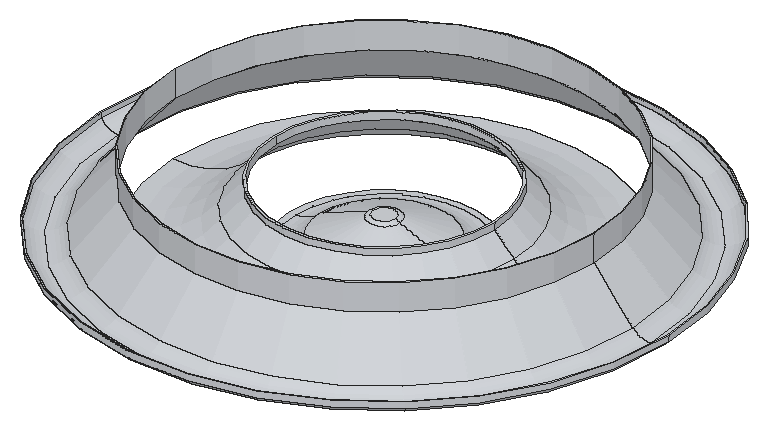
Revit family "DR3 FAMILIA 2026", category Terminales de aire, Revit 2026
Family settings
  Cota de conector redondo = Usar diámetro
  Tipo de pieza = Normal
  Se basa en plano de trabajo = No
  Siempre vertical = Sí
  Corte con vacíos al cargar = No
  Mantener orientación de anotación = No
  Compartido = No
  Punto de cálculo de habitación = No
Parameters (values of type "20")
  RADIO = 13.56"
  RAD MID = RADIO * 0.7425  # 10.0683"
  RAD IN = RADIO * 0.3328  # 4.51277"
  Elevación por defecto = 0"
  DIAM = 20"
Types (12): name | RADIO | RAD MID | RAD IN | DIAM
  (no name) | 13.56" | 10.0683" | 4.51277" | 20"
  6 | 6.56" | 4.8708" | 2.18317" | 6"
  8 | 7.56" | 5.6133" | 2.51597" | 8"
  10 | 8.56" | 6.3558" | 2.84877" | 10"
  12 | 9.56" | 7.0983" | 3.18157" | 12"
  14 | 11.56" | 8.5833" | 3.84717" | 16"
  16 | 11.56" | 8.5833" | 3.84717" | 16"
  18 | 12.56" | 9.3258" | 4.17997" | 18"
  24 | 15.56" | 11.5533" | 5.17837" | 24"
  20 | 13.56" | 10.0683" | 4.51277" | 20"
  30 | 18.56" | 13.7808" | 6.17677" | 30"
  36 | 21.56" | 16.0083" | 7.17517" | 36"
Reference planes (in)
  plane 1 "Center (Front/Back)": y = 0
  plane 2: z = 0
  plane 3 "Center (Left/Right)": x = 0
  plane 4: y = 10
  plane 5: y = -10
  plane 6: z = -3.97273
  plane 7: z = -4.22273
Dimensions and locks (in)
  equal spacing: plane 4, plane 1 "Center (Front/Back)", plane 5
  "DIAM": plane 4 to plane 5
  aligned and locked: level to plane 2
  aligned and locked: plane 3 "Center (Left/Right)" to nested 3
  aligned and locked: plane 1 "Center (Front/Back)" to nested 3
  aligned and locked: plane 3 "Center (Left/Right)" to nested 2
  aligned and locked: plane 1 "Center (Front/Back)" to nested 2
  aligned and locked: plane 3 "Center (Left/Right)" to nested 1
  aligned and locked: plane 1 "Center (Front/Back)" to nested 1
  aligned and locked: nested 2 to plane 6
  aligned and locked: nested 1 to plane 7
Nested families (in)
  nested 1: "INNER" at (0, 0, -2.71273), type "INNER"
    with R 4.51277"
  nested 2: "MID" at (0, 0, -1.20273), type "MID"
    with RADIO 10.0683"
  nested 3: "OUTER" at (0, 0, 0), type "OUTER"
    with R 13.56"
Definition of nested family "INNER"
  Parameters
    R = 3.14"
    Default Elevation = 0"
  Reference planes (in)
    plane 1 "Center (Front/Back)": y = 0
    plane 2: z = 0
    plane 3 "Center (Left/Right)": x = 0
    plane 4: y = 3.14
    plane 5: y = -3.14
    plane 6: z = -1.51
    plane 7: z = -0.04
    plane 8: z = -1.47
    plane 9: y = -2.84
    plane 10: y = -0.53
    plane 11: y = -0.74
    plane 12: z = -0.09
    plane 13: z = -0.98
    plane 14: y = -1.64
    plane 15: z = -0.12
    plane 16: y = -0.71
    plane 17: y = -1.61
    plane 18: z = -1.01
  Forms (in)
    Sweep 1, solid
      path origin (0, 0, 0) x (1, 0, 0) y (0, 1, 0)
        loop
          circle (0, 0) r 3.14
      profile origin (0, 3.14, 0) x (0, -1, 0) y (0, 0, 1)
        loop
          arc (2.61424, 0) -> (2.49805, -0.02341) -> (2.4, -0.09) r 0.3
          line (2.4, -0.09) -> (1.5, -0.99)
          arc (1.5, -0.99) -> (0.94622, -1.34555) -> (0.3, -1.47) r 1.74
          line (0.3, -1.47) -> (0, -1.47) -> (0, -1.51) -> (0.3, -1.51)
          arc (0.3, -1.51) -> (0.97095, -1.38636) -> (1.54, -1.01) r 1.70814
          line (1.54, -1.01) -> (2.43, -0.12)
          arc (2.43, -0.12) -> (2.51325, -0.06481) -> (2.61, -0.04) r 0.3
          line (2.61, -0.04) -> (3.13553, -0.04) -> (3.13553, 0) -> (2.61424, 0)
  Dimensions and locks (in)
    plane 4 to plane 5 = 6.28"
    plane 4 to plane 1 "Center (Front/Back)" = 3.14"
    level to plane 6 = 1.51"
    plane 1 "Center (Front/Back)" to plane 10 = 0.53"
    plane 9 to plane 5 = 0.3"
    plane 1 "Center (Front/Back)" to Sweep 1 sketch curve = 0.00447"
    "R": radius of Sweep 1 sketch curve
    aligned and locked: level to plane 2
  Automatic sketch dimensions
    Sweep 1 sketch curve to profile plane = 0"
    Sweep 1 sketch curve to level = 0"
    Sweep 1 sketch curve to profile plane = 0.3"
    Sweep 1 sketch curve to Sweep 1 sketch curve = 0"
    Sweep 1 sketch curve to Sweep 1 sketch curve = 0.03216"
    Sweep 1 sketch curve to level = 0.99"
    Sweep 1 sketch curve to Sweep 1 sketch curve = 1.2"
    Sweep 1 sketch curve to level = 1.01"
    Sweep 1 sketch curve to Sweep 1 sketch curve = 0.04"  (x2)
    Sweep 1 sketch curve to level = 0.09"
    Sweep 1 sketch curve to Sweep 1 sketch curve = 0.73553"
    Sweep 1 sketch curve to level = 0.12"
    Sweep 1 sketch curve to Sweep 1 sketch curve = 0.03"
    Sweep 1 sketch curve to level = 0.04"
    Sweep 1 sketch curve to Sweep 1 sketch curve = 0.18"
    Sweep 1 sketch curve to Sweep 1 sketch curve = 0.18424"
    Sweep 1 sketch curve to Sweep 1 sketch curve = 0.02085"
    Sweep 1 sketch curve to Sweep 1 sketch curve = 0.48"
    plane 1 "Center (Front/Back)" to Sweep 1 sketch curve = 0"
    Sweep 1 sketch curve to plane 3 "Center (Left/Right)" = 0"
Definition of nested family "MID"
  Parameters
    RADIO = 7.4"
    Default Elevation = 0"
  Reference planes (in)
    plane 1 "Center (Front/Back)": y = 0
    plane 2: z = 0
    plane 3 "Center (Left/Right)": x = 0
    plane 4: y = 7.4
    plane 5: y = -7.4
    plane 6: z = -2.77
    plane 7: y = 12.3
    plane 8: z = -2.67
    plane 9: y = 7.5
    plane 10: z = -0.3
    plane 11: z = -0.34
    plane 12: z = -1.22
    plane 13: y = 8.42
    plane 14: y = 8.35
    plane 15: z = -1.29
  Forms (in)
    Sweep 1, solid
      path origin (0, 0, 0) x (1, 0, 0) y (0, 1, 0)
        loop
          circle (0, 0) r 7.4
      profile origin (0, 7.4, 0) x (0, -1, 0) y (0, 0, 1)
        loop
          line (4.9, 0) -> (4.8, 0) -> (4.8, -0.3) -> (3.88, -1.22)
          arc (3.88, -1.22) -> (2.10068, -2.36504) -> (0.00685, -2.67) r 4.99111
          line (0.00685, -2.67) -> (0.00685, -2.77046)
          arc (0.00685, -2.77046) -> (2.13861, -2.45688) -> (3.95, -1.29) r 5.09372
          line (3.95, -1.29) -> (4.9, -0.34) -> (4.9, 0)
  Dimensions and locks (in)
    equal spacing: plane 4, plane 1 "Center (Front/Back)", plane 5
    plane 4 to plane 5 = 14.8"
    plane 7 to plane 4 = 4.9"
    level to plane 6 = 2.77"
    "RADIO": radius of Sweep 1 sketch curve
    aligned and locked: level to plane 2
  Automatic sketch dimensions
    Sweep 1 sketch curve to level = 0"
    Sweep 1 sketch curve to profile plane = 4.9"
    Sweep 1 sketch curve to profile plane = 4.8"
    Sweep 1 sketch curve to profile plane = 3.95"
    Sweep 1 sketch curve to Sweep 1 sketch curve = 0.07"  (x2)
    Sweep 1 sketch curve to profile plane = 0.35075"
    Sweep 1 sketch curve to Sweep 1 sketch curve = 0.00255"  (x2)
    Sweep 1 sketch curve to level = 0.3"
    Sweep 1 sketch curve to Sweep 1 sketch curve = 0.04"
    Sweep 1 sketch curve to level = 1.22"
    level to Sweep 1 sketch curve = 2.30925"
    Sweep 1 sketch curve to Sweep 1 sketch curve = 3.87315"
    plane 1 "Center (Front/Back)" to Sweep 1 sketch curve = 0"
    Sweep 1 sketch curve to plane 3 "Center (Left/Right)" = 0"
Definition of nested family "OUTER"
  Parameters
    R = 9.45"
    Default Elevation = 0"
  Reference planes (in)
    plane 1 "Center (Front/Back)": y = 0
    plane 2: z = 0
    plane 3 "Center (Left/Right)": x = 0
    plane 4: y = 9.45
    plane 5: y = -9.45
    plane 6: y = 5.85
    plane 7: z = -3.79
    plane 8: y = 5.89
    plane 9: z = -1.26
    plane 10: z = -1.25
    plane 11: z = -3.1
    plane 12: y = 7.69
    plane 13: z = -3.38
    plane 14: y = 8.57
    plane 15: z = -3.75
    plane 16: y = 9.41
  Forms (in)
    Sweep 1, solid
      path origin (0, 0, 0) x (1, 0, 0) y (0, 1, 0)
        loop
          circle (0, 0) r 9.45
      profile origin (0, 9.45, 0) x (0, -1, 0) y (0, 0, 1)
        loop
          arc (3.56, -1.25) -> (2.67218, -2.34287) -> (1.71503, -3.37557) r 21.59763
          arc (1.71503, -3.37557) -> (1.33883, -3.65493) -> (0.88, -3.75) r 1.08714
          arc (0.88, -3.75) -> (0.41309, -3.63792) -> (0.04, -3.33564) r 1.08714
          line (0.04, -3.33564) -> (0.04, -3.1) -> (0, -3.1) -> (0, -3.38)
          arc (0, -3.38) -> (0.39257, -3.6868) -> (0.88, -3.79) r 1.10522
          arc (0.88, -3.79) -> (1.36341, -3.67816) -> (1.76, -3.38) r 1.19768
          arc (1.76, -3.38) -> (2.72544, -2.36537) -> (3.6, -1.27145) r 16.2642
          line (3.6, -1.27145) -> (3.6, 0) -> (3.56, 0) -> (3.56, -1.25)
  Dimensions and locks (in)
    plane 5 to plane 1 "Center (Front/Back)" to plane 4 = 9.45", 9.45"
    plane 4 to plane 5 = 18.9"
    plane 6 to plane 1 "Center (Front/Back)" = 5.85"
    plane 7 to level = 3.79"
    plane 8 to plane 6 = 0.04"
    "R": radius of Sweep 1 sketch curve
    aligned and locked: level to plane 2
  Automatic sketch dimensions
    Sweep 1 sketch curve to Sweep 1 sketch curve = 0"  (x4)
    Sweep 1 sketch curve to profile plane = 0"
    Sweep 1 sketch curve to level = 0"
    profile plane to Sweep 1 sketch curve = 9.52895"
    Sweep 1 sketch curve to Sweep 1 sketch curve = 4.10929"
    Sweep 1 sketch curve to Sweep 1 sketch curve = 0.04"  (x2)
    Sweep 1 sketch curve to profile plane = 0.8576"
    Sweep 1 sketch curve to Sweep 1 sketch curve = 0.00173"
    Sweep 1 sketch curve to Sweep 1 sketch curve = 0.0347"
    Sweep 1 sketch curve to profile plane = 3.56"
    Sweep 1 sketch curve to level = 1.25"
    Sweep 1 sketch curve to Sweep 1 sketch curve = 0.02145"
    Sweep 1 sketch curve to level = 2.59253"
    Sweep 1 sketch curve to Sweep 1 sketch curve = 0.07042"
    Sweep 1 sketch curve to Sweep 1 sketch curve = 0.02202"
    Sweep 1 sketch curve to Sweep 1 sketch curve = 0.41502"
    Sweep 1 sketch curve to Sweep 1 sketch curve = 0.23564"
    Sweep 1 sketch curve to Sweep 1 sketch curve = 0.04436"
    level to Sweep 1 sketch curve = 8.32828"
    Sweep 1 sketch curve to Sweep 1 sketch curve = 3.48611"
    plane 1 "Center (Front/Back)" to Sweep 1 sketch curve = 0"
    Sweep 1 sketch curve to plane 3 "Center (Left/Right)" = 0"
